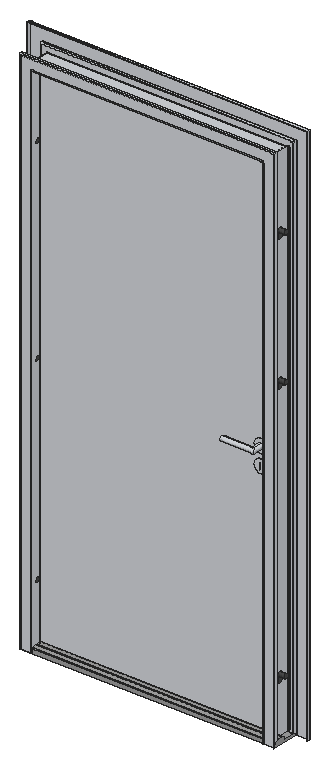
Revit family "Daloc S33 snabbsortiment", category Doors, host Wall, Revit 2017
Family settings
  Host = Wall
  OmniClass Number = 23.30.10.00
  OmniClass Title = Doors
  Always vertical = Yes
  Cut with Voids When Loaded = No
  Shared = No
  Room Calculation Point = No
Parameters (values of type "10x20,8")
  Övre gångjärn start [instance] = Dörrblad ÖK - 310 mm  # 1743 mm
  Övre gångjärn end [instance] = Dörrblad ÖK - 190 mm  # 1863 mm
  Vänsterhängd [instance] = no
  Visa kollisionskontroll [instance] = no
  Tröskeltyp G Stål [instance] = no
  Tröskeltyp G Hårdträ [instance] = yes
  Modulhöjd = 20.8
  Modulbredd = 10
  Kulör dörrblad [instance] = none
  Kollisionskontroll vänster [instance] = and(Visa kollisionskontroll, Vänsterhängd)  # no
  Kollisionskontroll höger [instance] = and(Visa kollisionskontroll, Högerhängd)  # no
  KDH [instance] = Height - 75 mm  # 2005 mm
  Infästning Vänsterhängd [instance] = and(Vänsterhängd, or(Dörrkarm K41, Dörrkarm K42))  # no
  Infästning Högerhängd [instance] = and(Högerhängd, or(Dörrkarm K41, Dörrkarm K42))  # yes
  Höjd dörrblad [instance] = (Modulhöjd * 100 mm) - 40 mm  # 2040 mm
  Högerhängd [instance] = yes
  Function = Interior
  Frame Projection Ext. = 25 mm
  Frame Projection Int. = 25 mm
  Frame Width = 75 mm
  Height = Modulhöjd * 100 mm  # 2080 mm
  Wall Closure = By host
  Width = Modulbredd * 100 mm  # 1000 mm
  Fp lås Ö [instance] = KDH - 233 mm  # 1772 mm
  Fp Ggj Ö övre hålet [instance] = Fp Ggj Ö + 18 mm  # 1772.5 mm
  Fp Ggj Ö undre hålet [instance] = Fp Ggj Ö - 18 mm  # 1736.5 mm
  Fp Ggj Ö [instance] = KDH - 250.5 mm  # 1754.5 mm
  Dörrstängare Vänster G [instance] = and(Vänsterhängd, Dörrstängare G sida)  # no
  Dörrstängare Vänster A [instance] = and(Vänsterhängd, Dörrstängare A sida)  # no
  Dörrstängare Höger G [instance] = and(Högerhängd, Dörrstängare G sida)  # no
  Dörrstängare Höger A [instance] = and(Högerhängd, Dörrstängare A sida)  # no
  Dörrstängare G sida [instance] = no
  Dörrstängare A sida [instance] = no
  Dörrkarm K42 [instance] = no
  Dörrkarm K41 [instance] = yes
  Dörrblad ÖK [instance] = Höjd dörrblad + Dörrblad UK  # 2053 mm
  Dörrblad UK [instance] = 13 mm
  Datablad [instance] = "http://www.dorrkatalogen.daloc.se/staldorrar/S33/"
  DST offset G-sida [instance] = Dörrblad ÖK - 75 mm  # 1978 mm
  DST offset A-sida [instance] = Dörrblad ÖK - 110 mm  # 1943 mm
  Bredd med överfals [instance] = Bredd dörrblad + 26.2 mm  # 950.2 mm
  Bredd dörrblad [instance] = (Modulbredd * 100 mm) - 76 mm  # 924 mm
Types (5, lengths in mm): name | Övre gångjärn start | Övre gångjärn end | Modulhöjd | Modulbredd | KDH | Höjd dörrblad | Height | Width | Fp lås Ö | Fp Ggj Ö övre hålet | Fp Ggj Ö undre hålet | Fp Ggj Ö | Dörrblad ÖK | DST offset G-sida | DST offset A-sida | Bredd med överfals | Bredd dörrblad
  (no name) | 1743 | 1863 | 20.8 | 10 | 2005 | 2040 | 2080 | 1000 | 1772 | 1772.5 | 1736.5 | 1754.5 | 2053 | 1978 | 1943 | 950.2 | 924
  9x21 | 1763 | 1883 | 21 | 9 | 2025 | 2060 | 2100 | 900 | 1792 | 1792.5 | 1756.5 | 1774.5 | 2073 | 1998 | 1963 | 850.2 | 824
  10x21 | 1763 | 1883 | 21 | 10 | 2025 | 2060 | 2100 | 1000 | 1792 | 1792.5 | 1756.5 | 1774.5 | 2073 | 1998 | 1963 | 950.2 | 924
  9x20,8 | 1743 | 1863 | 20.8 | 9 | 2005 | 2040 | 2080 | 900 | 1772 | 1772.5 | 1736.5 | 1754.5 | 2053 | 1978 | 1943 | 850.2 | 824
  10x20,8 | 1743 | 1863 | 20.8 | 10 | 2005 | 2040 | 2080 | 1000 | 1772 | 1772.5 | 1736.5 | 1754.5 | 2053 | 1978 | 1943 | 950.2 | 924
Reference planes
  plane 1: y = 0
  plane 2 "Center (Left/Right)": x = 0
  plane 3 "Left": x = -500
  plane 4 "Right": x = 500
  plane 5: z = 2080
  plane 6 "Exterior": y = 75
  plane 7 "Interior": y = -75
  plane 8 "Drevmån h": x = -495
  plane 9 "Drevmån v": x = 495
  plane 10 "Drevmån övre": z = 2073
Forms (mm)
  Sweep 1, solid, visible <- "Dörrkarm K41"
    path origin (0, 75, 0) x (1, 0, 0) y (0, 0, 1)
      loop
        line (495, 0) -> (495, 2073) -> (-495, 2073) -> (-495, 0)
    profile "Karm_K41 : Karm_K41" origin (495, 75, 1036.5) x (-1, 0, 0) y (0, -1, 0)
      loop
        line (0, 85) -> (1.5, 85) -> (1.5, 95)
        arc (1.5, 95) -> (1.939, 96.061) -> (3, 96.5) r 1.5
        line (3, 96.5) -> (42, 96.5)
        arc (42, 96.5) -> (43.061, 96.061) -> (43.5, 95) r 1.5
        line (43.5, 95) -> (43.5, 55)
        arc (43.5, 55) -> (43.061, 53.939) -> (42, 53.5) r 1.5
        line (42, 53.5) -> (28.5, 53.5) -> (28.5, 3)
        arc (28.5, 3) -> (28.061, 1.939) -> (27, 1.5) r 1.5
        line (27, 1.5) -> (6.5, 1.5)
        arc (6.5, 1.5) -> (4.379, 0.621) -> (3.5, -1.5) r 3
        line (3.5, -1.5) -> (3.5, -10)
        arc (3.5, -10) -> (3.061, -11.061) -> (2, -11.5) r 1.5
        line (2, -11.5) -> (-47, -11.5)
        arc (-47, -11.5) -> (-48.061, -11.061) -> (-48.5, -10) r 1.5
        line (-48.5, -10) -> (-48.5, 0) -> (-50, 0) -> (-50, -10)
        arc (-50, -10) -> (-49.121, -12.121) -> (-47, -13) r 3
        line (-47, -13) -> (2, -13)
        arc (2, -13) -> (4.121, -12.121) -> (5, -10) r 3
        line (5, -10) -> (5, -1.5)
        arc (5, -1.5) -> (5.439, -0.439) -> (6.5, 0) r 1.5
        line (6.5, 0) -> (27, 0)
        arc (27, 0) -> (29.121, 0.879) -> (30, 3) r 3
        line (30, 3) -> (30, 52) -> (42, 52)
        arc (42, 52) -> (44.121, 52.879) -> (45, 55) r 3
        line (45, 55) -> (45, 95)
        arc (45, 95) -> (44.121, 97.121) -> (42, 98) r 3
        line (42, 98) -> (3, 98)
        arc (3, 98) -> (0.879, 97.121) -> (0, 95) r 3
        line (0, 95) -> (0, 85)
  Sweep 2, solid, visible <- "Dörrkarm K42"
    path origin (0, 75, 0) x (1, 0, 0) y (0, 0, 1)
      loop
        line (495, 0) -> (495, 2073) -> (-495, 2073) -> (-495, 0)
    profile "Karm_K42 : Karm_K42" origin (495, 75, 1036.5) x (-1, 0, 0) y (0, -1, 0)
      loop
        line (0, 85) -> (1.5, 85) -> (1.5, 95)
        arc (1.5, 95) -> (1.939, 96.061) -> (3, 96.5) r 1.5
        line (3, 96.5) -> (42, 96.5)
        arc (42, 96.5) -> (43.061, 96.061) -> (43.5, 95) r 1.5
        line (43.5, 95) -> (43.5, 55)
        arc (43.5, 55) -> (43.061, 53.939) -> (42, 53.5) r 1.5
        line (42, 53.5) -> (28.5, 53.5) -> (28.5, 3)
        arc (28.5, 3) -> (28.061, 1.939) -> (27, 1.5) r 1.5
        line (27, 1.5) -> (3, 1.5)
        arc (3, 1.5) -> (1.939, 1.939) -> (1.5, 3) r 1.5
        line (1.5, 3) -> (1.5, 13) -> (0, 13) -> (0, 3)
        arc (0, 3) -> (0.879, 0.879) -> (3, 0) r 3
        line (3, 0) -> (27, 0)
        arc (27, 0) -> (29.121, 0.879) -> (30, 3) r 3
        line (30, 3) -> (30, 52) -> (42, 52)
        arc (42, 52) -> (44.121, 52.879) -> (45, 55) r 3
        line (45, 55) -> (45, 95)
        arc (45, 95) -> (44.121, 97.121) -> (42, 98) r 3
        line (42, 98) -> (3, 98)
        arc (3, 98) -> (0.879, 97.121) -> (0, 95) r 3
        line (0, 95) -> (0, 85)
  Extrusion 3, solid, material "Daloc tröskel EK", visible <- "Tröskeltyp G Hårdträ"
    sketch origin (0, 579.415, -570.578) x (0, 1, 0) y (0, 0, 1)
      loop
        line (-507.415, 580.578) -> (-555.423, 580.578) -> (-555.423, 590.078)
        arc (-555.423, 590.078) -> (-556.448, 592.553) -> (-558.923, 593.578) r 3.5
        line (-558.923, 593.578) -> (-580.423, 593.578)
        arc (-580.423, 593.578) -> (-580.99, 593.524) -> (-581.537, 593.364) r 3
        line (-581.537, 593.364) -> (-598.537, 588.364)
        arc (-598.537, 588.364) -> (-599.907, 587.26) -> (-600.423, 585.578) r 3
        line (-600.423, 585.578) -> (-600.423, 570.578) -> (-504.415, 570.578) -> (-504.415, 577.578)
        arc (-504.415, 577.578) -> (-505.294, 579.699) -> (-507.415, 580.578) r 3
    from -495 to 495
  Extrusion 4, solid, material "Daloc ståltröskel", visible <- "Tröskeltyp G Stål"
    sketch origin (0, -111.86, -57.161) x (0, 1, 0) y (0, 0, 1)
      loop
        line (176.776, 57.161) -> (182.855, 57.161)
        arc (182.855, 57.161) -> (186.86, 61.165) -> (182.855, 65.17) r 4.004
        line (182.855, 65.17) -> (136.355, 65.17)
        arc (136.355, 65.17) -> (135.295, 65.609) -> (134.855, 66.67) r 1.5
        line (134.855, 66.67) -> (134.855, 77.17)
        arc (134.855, 77.17) -> (133.977, 79.291) -> (131.855, 80.17) r 3
        line (131.855, 80.17) -> (102.102, 80.17)
        arc (102.102, 80.17) -> (100.954, 79.941) -> (99.98, 79.291) r 3
        line (99.98, 79.291) -> (93.734, 73.045)
        arc (93.734, 73.045) -> (93.084, 72.072) -> (92.855, 70.924) r 3
        line (92.855, 70.924) -> (92.855, 60.161)
        arc (92.855, 60.161) -> (93.734, 58.04) -> (95.855, 57.161) r 3
        line (95.855, 57.161) -> (102.855, 57.161) -> (102.855, 58.67) -> (95.855, 58.67)
        arc (95.855, 58.67) -> (94.795, 59.109) -> (94.355, 60.17) r 1.5
        line (94.355, 60.17) -> (94.355, 70.924)
        arc (94.355, 70.924) -> (94.469, 71.498) -> (94.795, 71.984) r 1.5
        line (94.795, 71.984) -> (101.041, 78.231)
        arc (101.041, 78.231) -> (101.528, 78.556) -> (102.102, 78.67) r 1.5
        line (102.102, 78.67) -> (131.855, 78.67)
        arc (131.855, 78.67) -> (132.916, 78.231) -> (133.355, 77.17) r 1.5
        line (133.355, 77.17) -> (133.355, 66.67)
        arc (133.355, 66.67) -> (134.234, 64.549) -> (136.355, 63.67) r 3
        line (136.355, 63.67) -> (182.855, 63.67)
        arc (182.855, 63.67) -> (185.355, 61.17) -> (182.855, 58.67) r 2.5
        line (182.855, 58.67) -> (176.776, 58.67) -> (176.776, 57.161)
    from -495 to 495
  Extrusion 5, solid, material "Stainless Steel", visible <- "Högerhängd"
    sketch origin (0, 0, 0) x (1, 0, 0) y (0, 1, 0)
      loop
        circle (-469.581, 92.224) r 8.5
    from 190 to 310
  Extrusion 6, solid, material "Stainless Steel", visible <- "Högerhängd"
    sketch origin (0, 0, 0) x (1, 0, 0) y (0, 1, 0)
      loop
        circle (-469.581, 92.224) r 8.5
    from 1743 <- "Övre gångjärn start" to 1863 <- "Övre gångjärn end"
  Extrusion 7, solid, material "Stainless Steel", visible <- "Vänsterhängd"
    sketch origin (0, 0, 0) x (1, 0, 0) y (0, 1, 0)
      loop
        circle (470.581, 92.224) r 8.5
    from 190 to 310
  Extrusion 8, solid, material "Stainless Steel", visible <- "Vänsterhängd"
    sketch origin (0, 0, 0) x (1, 0, 0) y (0, 1, 0)
      loop
        circle (470.581, 92.224) r 8.5
    from 1743 <- "Övre gångjärn start" to 1863 <- "Övre gångjärn end"
  Extrusion 9, solid, material "Frigång", visible <- "Kollisionskontroll höger"
    sketch origin (0, 0, 0) x (1, 0, 0) y (0, 1, 0)
      loop
        line (-475.081, 83.724) -> (475.119, 83.724)
        arc (475.119, 83.724) -> (-351.055, 1025.795) -> (-1392.904, 329.654) r 950.2
        line (-1392.904, 329.654) -> (-475.081, 83.724)
    from 13 <- "Dörrblad UK" to 2053 <- "Dörrblad ÖK"
  Extrusion 10, solid, material "Frigång", visible <- "Kollisionskontroll vänster"
    sketch origin (0, 0, 0) x (1, 0, 0) y (0, 1, 0)
      loop
        line (475.119, 83.724) -> (1392.941, 329.654)
        arc (1392.941, 329.654) -> (351.093, 1025.795) -> (-475.081, 83.724) r 950.2
        line (-475.081, 83.724) -> (475.119, 83.724)
    from 13 <- "Dörrblad UK" to 2053 <- "Dörrblad ÖK"
  Extrusion 11, solid, material "Hål", visible <- "Infästning Högerhängd"
    sketch origin (495, 0, 0) x (0, 0, 1) y (0, -1, 0)
      loop
        circle (226.5, -35) r 8
    from 0 to -30.1
  Extrusion 12, solid, material "Hål", visible <- "Infästning Högerhängd"
    sketch origin (495, 0, 0) x (0, 0, 1) y (0, -1, 0)
      loop
        circle (226.5, -5) r 8
    from 0 to -45.2
  Extrusion 13, solid, material "Hål", visible <- "Infästning Högerhängd"
    sketch origin (495, 0, 0) x (0, 0, 1) y (0, -1, 0)
      loop
        circle (1250, -35) r 8
    from 0 to -30.1
  Extrusion 14, solid, material "Hål", visible <- "Infästning Högerhängd"
    sketch origin (495, 0, 0) x (0, 0, 1) y (0, -1, 0)
      loop
        circle (1250, -5) r 8
    from 0 to -45.2
  Extrusion 15, solid, material "Hål", visible <- "Infästning Högerhängd"
    sketch origin (495, 0, 0) x (0, 0, 1) y (0, -1, 0)
      loop
        circle (1772, -35) r 8
    from 0 to -30.1
  Extrusion 16, solid, material "Hål", visible <- "Infästning Högerhängd"
    sketch origin (495, 0, 0) x (0, 0, 1) y (0, -1, 0)
      loop
        circle (1772, -5) r 8
    from 0 to -45.2
  Extrusion 17, solid, material "Hål", visible <- "Infästning Vänsterhängd"
    sketch origin (-495, 0, 0) x (0, 0, 1) y (0, -1, 0)
      loop
        circle (226.5, -35) r 8
    from 0 to 30.1
  Extrusion 18, solid, material "Hål", visible <- "Infästning Vänsterhängd"
    sketch origin (-495, 0, 0) x (0, 0, 1) y (0, -1, 0)
      loop
        circle (226.5, -5) r 8
    from 0 to 45.2
  Extrusion 19, solid, material "Hål", visible <- "Infästning Vänsterhängd"
    sketch origin (-495, 0, 0) x (0, 0, 1) y (0, -1, 0)
      loop
        circle (1250, -35) r 8
    from 0 to 30.1
  Extrusion 20, solid, material "Hål", visible <- "Infästning Vänsterhängd"
    sketch origin (-495, 0, 0) x (0, 0, 1) y (0, -1, 0)
      loop
        circle (1250, -5) r 8
    from 0 to 45.2
  Extrusion 21, solid, material "Hål", visible <- "Infästning Vänsterhängd"
    sketch origin (-495, 0, 0) x (0, 0, 1) y (0, -1, 0)
      loop
        circle (1772, -35) r 8
    from 0 to 30.1
  Extrusion 22, solid, material "Hål", visible <- "Infästning Vänsterhängd"
    sketch origin (-495, 0, 0) x (0, 0, 1) y (0, -1, 0)
      loop
        circle (1772, -5) r 8
    from 0 to 45.2
  Extrusion 23, solid, material "Hål", visible <- "Infästning Högerhängd"
    sketch origin (-495, 0, 0) x (0, 0, 1) y (0, -1, 0)
      loop
        circle (1015, -35) r 8
    from 0 to 30.1
  Extrusion 24, solid, material "Hål", visible <- "Infästning Högerhängd"
    sketch origin (-495, 0, 0) x (0, 0, 1) y (0, -1, 0)
      loop
        circle (1015, -5) r 8
    from 0 to 45.2
  Extrusion 25, solid, material "Hål", visible <- "Infästning Högerhängd"
    sketch origin (-495, 0, 0) x (0, 0, 1) y (0, -1, 0)
      loop
        circle (244.5, -5) r 8
    from 0 to 45.2
  Extrusion 26, solid, material "Hål", visible <- "Infästning Högerhängd"
    sketch origin (-495, 0, 0) x (0, 0, 1) y (0, -1, 0)
      loop
        circle (226.5, -36) r 8
    from 0 to 30.1
  Extrusion 27, solid, material "Hål", visible <- "Infästning Vänsterhängd"
    sketch origin (495, 0, 0) x (0, 0, 1) y (0, -1, 0)
      loop
        circle (226.5, -36) r 8
    from 0 to -30.1
  Extrusion 28, solid, material "Hål", visible <- "Infästning Vänsterhängd"
    sketch origin (495, 0, 0) x (0, 0, 1) y (0, -1, 0)
      loop
        circle (208.5, -5) r 8
    from 0 to -45.2
  Extrusion 29, solid, material "Hål", visible <- "Infästning Vänsterhängd"
    sketch origin (495, 0, 0) x (0, 0, 1) y (0, -1, 0)
      loop
        circle (1015, -35) r 8
    from 0 to -30.1
  Extrusion 30, solid, material "Hål", visible <- "Infästning Vänsterhängd"
    sketch origin (495, 0, 0) x (0, 0, 1) y (0, -1, 0)
      loop
        circle (1015, -5) r 8
    from 0 to -45.2
  Extrusion 31, solid, material "Hål", visible <- "Infästning Vänsterhängd"
    sketch origin (495, 0, 0) x (0, 0, 1) y (0, -1, 0)
      loop
        circle (1754.5, -35) r 8
    from 0 to -30.1
  Extrusion 32, solid, material "Hål", visible <- "Infästning Vänsterhängd"
    sketch origin (495, 0, 0) x (0, 0, 1) y (0, -1, 0)
      loop
        circle (1736.5, -5) r 8
    from 0 to -45.2
  Extrusion 33, solid, material "Hål", visible <- "Infästning Högerhängd"
    sketch origin (-495, 0, 0) x (0, 0, 1) y (0, -1, 0)
      loop
        circle (1754.5, -35) r 8
    from 0 to 30.1
  Extrusion 34, solid, material "Hål", visible <- "Infästning Högerhängd"
    sketch origin (-495, 0, 0) x (0, 0, 1) y (0, -1, 0)
      loop
        circle (1772.5, -5) r 8
    from 0 to 45.2
Lines and regions (mm)
  Opening 1
    outline origin (-3050, -75, 0) x (1, 0, 0) y (0, 0, 1)
      loop
        line (2550, 0) -> (3550, 0) -> (3550, 2080) -> (2550, 2080) -> (2550, 0)
  symbolic lines, style "Elevation Swing"
    curve 1: line (500, -75, 1040) -> (-500, -75, 2080)
    curve 2: line (500, -75, 1040) -> (-500, -75, 0)
  symbolic lines, visible <- "Högerhängd"
    curve 3: circle (-469.581, 92.224, 0) r 8.5 normal (0, 0, 1)
    curve 5: line (-475.081, 83.724, 0) -> (-1392.904, 329.654, 0)
    curve 6: arc (-1392.904, 329.654, 0) -> (-351.055, 1025.795, 0) -> (475.119, 83.724, 0) r 950.2
  symbolic lines, visible <- "Vänsterhängd"
    curve 4: circle (470.581, 92.224, 0) r 8.5 normal (0, 0, 1)
    curve 7: line (475.119, 83.724, 0) -> (1392.941, 329.654, 0)
    curve 8: arc (1392.941, 329.654, 0) -> (351.093, 1025.795, 0) -> (-475.081, 83.724, 0) r 950.2
Text (mm)
  text "Exterior" at (-2295.016, 1099.543, 0), in view "Ref. Level"
  text "Exterior" at (0, 1615.38, 3698.081), in view "Left"
  text "Exterior" at (0, 1036.032, 3874.932), in view "Right"
Dimensions and locks
  equal spacing: plane 3 "Left", plane 2 "Center (Left/Right)", plane 4 "Right"
  "Width": plane 3 "Left" to plane 4 "Right"
  "Height": plane 5 to host wall
  equal spacing: host wall, curve 2, plane 5
  host wall to plane 5 = 2080 mm
  locked: plane 6 "Exterior" to host wall at 0
  locked: plane 7 "Interior" to host wall
  locked: plane 5 to plane 10 "Drevmån övre" at 7
  locked: plane 3 "Left" to plane 8 "Drevmån h" at 5
  locked: plane 9 "Drevmån v" to plane 4 "Right" at 5
  locked: plane 6 "Exterior" to Extrusion 4 at 52.004
  locked: plane 6 "Exterior" to Extrusion 3 at 51.008
  curve 3 to nested 1 = 8.5 mm
  locked: curve 4 to nested 1 at 8.5
  locked: plane 3 "Left" to nested 6 at 130
  locked: plane 3 "Left" to nested 7 at 130
  locked: nested 8 to plane 4 "Right" at 129.9
  "Bredd med överfals": curve 5 to curve 5
  locked: plane 8 "Drevmån h" to curve 5 at 19.919
  "Bredd med överfals": curve 7 to curve 7
  locked: curve 5 to nested 1 at 0
  locked: Extrusion 11 sketch curve to level at 226.5
  locked: Extrusion 11 sketch curve to plane 6 "Exterior" at 40
  locked: Extrusion 12 sketch curve to level at 226.5
  locked: Extrusion 12 sketch curve to plane 6 "Exterior" at 70
  locked: Extrusion 13 sketch curve to plane 6 "Exterior" at 40
  locked: Extrusion 13 sketch curve to level at 1250
  Extrusion 14 sketch curve to level = 1250 mm
  Extrusion 14 sketch curve to plane 6 "Exterior" = 70 mm
  locked: Extrusion 15 sketch curve to plane 6 "Exterior" at 40
  "Fp lås Ö": Extrusion 15 sketch curve to level
  "Fp lås Ö": Extrusion 16 sketch curve to level
  locked: Extrusion 16 sketch curve to plane 6 "Exterior" at 70
  locked: plane 6 "Exterior" to Extrusion 17 sketch curve at 40
  locked: Extrusion 17 sketch curve to level at 226.5
  Extrusion 18 sketch curve to level = 226.5 mm
  plane 6 "Exterior" to Extrusion 18 sketch curve = 70 mm
  locked: Extrusion 19 sketch curve to level at 1250
  locked: plane 6 "Exterior" to Extrusion 19 sketch curve at 40
  Extrusion 20 sketch curve to level = 1250 mm
  plane 6 "Exterior" to Extrusion 20 sketch curve = 70 mm
  "Fp lås Ö": Extrusion 21 sketch curve to level
  locked: plane 6 "Exterior" to Extrusion 21 sketch curve at 40
  "Fp lås Ö": Extrusion 22 sketch curve to level
  locked: plane 6 "Exterior" to Extrusion 22 sketch curve at 70
  locked: Extrusion 23 sketch curve to level at 1015
  locked: plane 6 "Exterior" to Extrusion 23 sketch curve at 40
  locked: Extrusion 24 sketch curve to level at 1015
  locked: plane 6 "Exterior" to Extrusion 24 sketch curve at 70
  locked: Extrusion 25 sketch curve to level at 244.5
  locked: plane 6 "Exterior" to Extrusion 25 sketch curve at 70
  locked: Extrusion 26 sketch curve to level at 226.5
  locked: plane 6 "Exterior" to Extrusion 26 sketch curve at 39
  locked: Extrusion 27 sketch curve to level at 226.5
  locked: Extrusion 27 sketch curve to plane 6 "Exterior" at 39
  locked: Extrusion 28 sketch curve to level at 208.5
  locked: Extrusion 28 sketch curve to plane 6 "Exterior" at 70
  locked: Extrusion 29 sketch curve to level at 1015
  locked: Extrusion 29 sketch curve to plane 6 "Exterior" at 40
  locked: Extrusion 30 sketch curve to level at 1015
  locked: Extrusion 30 sketch curve to plane 6 "Exterior" at 70
  "Fp Ggj Ö": Extrusion 31 sketch curve to level
  locked: Extrusion 31 sketch curve to plane 6 "Exterior" at 40
  "Fp Ggj Ö undre hålet": Extrusion 32 sketch curve to level
  locked: Extrusion 32 sketch curve to plane 6 "Exterior" at 70
  "Fp Ggj Ö": Extrusion 33 sketch curve to level
  locked: plane 6 "Exterior" to Extrusion 33 sketch curve at 40
  "Fp Ggj Ö övre hålet": Extrusion 34 sketch curve to level
  locked: plane 6 "Exterior" to Extrusion 34 sketch curve at 70
  locked: plane 6 "Exterior" to nested 6 at 8.7
  locked: nested 9 to plane 4 "Right" at 130
  locked: plane 6 "Exterior" to nested 9 at 8.7
  locked: plane 6 "Exterior" to nested 1 at 0  (x2)
  locked: nested 1 to nested 2 at 0
  locked: nested 1 to nested 5 at 0
  locked: nested 1 to nested 4 at 0
  locked: nested 1 to nested 3 at 0
  locked: nested 1 to nested 2 at 51.081
  locked: nested 3 to nested 1 at 51.081
  locked: nested 4 to nested 1 at 51.081
  locked: nested 1 to nested 5 at 51.081
  locked: nested 1 to curve 5 (angle 165.00°)
  locked: curve 7 to nested 1 (angle 165.00°)
  aligned and locked: plane 3 "Left" to Opening 1 sketch curve
  aligned and locked: plane 5 to Opening 1 sketch curve  (x2)
  aligned and locked: Opening 1 sketch curve to plane 4 "Right"
  aligned and locked: Opening 1 sketch curve to level
  aligned and locked: plane 5 to curve 1
  aligned and locked: plane 3 "Left" to curve 2
  aligned and locked: plane 1 to host wall
  aligned and locked: plane 3 "Left" to curve 1
  aligned and locked: plane 9 "Drevmån v" to Sweep 1 sketch curve
  aligned and locked: plane 10 "Drevmån övre" to Sweep 1 sketch curve
  aligned and locked: Sweep 1 sketch curve to plane 8 "Drevmån h"
  aligned and locked: nested 1 to plane 2 "Center (Left/Right)"
  aligned and locked: Sweep 2 sketch curve to Sweep 1
  aligned and locked: plane 10 "Drevmån övre" to Sweep 2 sketch curve
  aligned and locked: Sweep 2 sketch curve to plane 8 "Drevmån h"
  aligned and locked: Extrusion 4 to level  (x3)
  aligned and locked: plane 9 "Drevmån v" to Extrusion 3
  aligned and locked: Extrusion 3 to plane 8 "Drevmån h"
  aligned and locked: plane 9 "Drevmån v" to Extrusion 4
  aligned and locked: Extrusion 4 to plane 8 "Drevmån h"
  aligned and locked: nested 2 to nested 1
  aligned and locked: Extrusion 5 sketch curve to curve 3
  aligned and locked: Extrusion 6 sketch curve to curve 3
  aligned and locked: Extrusion 7 sketch curve to curve 4
  aligned and locked: Extrusion 8 sketch curve to curve 4
  aligned and locked: nested 7 to nested 1
  aligned and locked: nested 8 to nested 1
  aligned and locked: Extrusion 9 sketch curve to curve 5
  aligned and locked: Extrusion 9 sketch curve to curve 6
  aligned and locked: Extrusion 9 sketch curve to nested 1
  aligned and locked: Extrusion 10 sketch curve to curve 7
  aligned and locked: Extrusion 10 sketch curve to curve 8
  aligned and locked: Extrusion 10 sketch curve to nested 1
Automatic sketch dimensions
  curve 2 to level = 0 mm
  plane 4 "Right" to curve 2 = 0 mm
  Sweep 1 sketch curve to level = 0 mm  (x2)
  Sweep 2 sketch curve to level = 0 mm  (x2)
  Extrusion 3 sketch curve to host wall = 147 mm
  level to Extrusion 3 sketch curve = 7 mm
  Extrusion 3 sketch curve to Extrusion 3 sketch curve = 3 mm  (x2)
  Extrusion 3 sketch curve to Extrusion 3 sketch curve = 48.008 mm
  Extrusion 3 sketch curve to Extrusion 3 sketch curve = 9.5 mm
  Extrusion 3 sketch curve to Extrusion 3 sketch curve = 3.5 mm
  Extrusion 3 sketch curve to Extrusion 3 sketch curve = 21.5 mm
  Extrusion 3 sketch curve to Extrusion 3 sketch curve = 1.114 mm  (x2)
  Extrusion 3 sketch curve to Extrusion 3 sketch curve = 17 mm
  Extrusion 3 sketch curve to Extrusion 3 sketch curve = 5 mm
  Extrusion 3 sketch curve to Extrusion 3 sketch curve = 2.785 mm
  Extrusion 3 sketch curve to Extrusion 3 sketch curve = 15 mm
  Extrusion 4 sketch curve to host wall = 4.004 mm
  level to Extrusion 4 sketch curve = 0 mm
  Extrusion 4 sketch curve to Extrusion 4 sketch curve = 4.004 mm
  Extrusion 4 sketch curve to Extrusion 4 sketch curve = 6.079 mm
  Extrusion 4 sketch curve to Extrusion 4 sketch curve = 40.421 mm
  Extrusion 4 sketch curve to Extrusion 4 sketch curve = 1.5 mm
  Extrusion 4 sketch curve to Extrusion 4 sketch curve = 10.5 mm
  Extrusion 4 sketch curve to Extrusion 4 sketch curve = 3 mm  (x3)
  Extrusion 4 sketch curve to host wall = 84.758 mm
  Extrusion 4 sketch curve to Extrusion 4 sketch curve = 2.121 mm  (x3)
  Extrusion 4 sketch curve to Extrusion 4 sketch curve = 6.246 mm  (x2)
  Extrusion 4 sketch curve to Extrusion 4 sketch curve = 10.763 mm
  Extrusion 4 sketch curve to Extrusion 4 sketch curve = 7 mm
  Extrusion 4 sketch curve to Extrusion 4 sketch curve = 1.509 mm
  Extrusion 4 sketch curve to Extrusion 4 sketch curve = 0 mm  (x10)
  Extrusion 4 sketch curve to Extrusion 4 sketch curve = 0.009 mm
  Extrusion 4 sketch curve to Extrusion 4 sketch curve = 0.439 mm
  Extrusion 4 sketch curve to Extrusion 4 sketch curve = 1.061 mm  (x2)
  Extrusion 4 sketch curve to Extrusion 4 sketch curve = 0.004 mm
  curve 6 to curve 5 = 0 mm
  curve 8 to curve 7 = 0 mm
  curve 8 to curve 3 = 5.5 mm
  curve 4 to curve 8 = 4.537 mm
  radius of curve 3 = 8.5 mm
  radius of curve 4 = 8.5 mm
  radius of Extrusion 11 sketch curve = 8 mm
  radius of Extrusion 12 sketch curve = 8 mm
  radius of Extrusion 13 sketch curve = 8 mm
  radius of Extrusion 14 sketch curve = 8 mm
  radius of Extrusion 15 sketch curve = 8 mm
  radius of Extrusion 16 sketch curve = 8 mm
  radius of Extrusion 17 sketch curve = 8 mm
  radius of Extrusion 18 sketch curve = 8 mm
  radius of Extrusion 19 sketch curve = 8 mm
  radius of Extrusion 20 sketch curve = 8 mm
  radius of Extrusion 21 sketch curve = 8 mm
  radius of Extrusion 22 sketch curve = 8 mm
  radius of Extrusion 23 sketch curve = 8 mm
  radius of Extrusion 24 sketch curve = 8 mm
  radius of Extrusion 25 sketch curve = 8 mm
  radius of Extrusion 26 sketch curve = 8 mm
  radius of Extrusion 27 sketch curve = 8 mm
  radius of Extrusion 28 sketch curve = 8 mm
  radius of Extrusion 29 sketch curve = 8 mm
  radius of Extrusion 30 sketch curve = 8 mm
  radius of Extrusion 31 sketch curve = 8 mm
  radius of Extrusion 32 sketch curve = 8 mm
  radius of Extrusion 33 sketch curve = 8 mm
  radius of Extrusion 34 sketch curve = 8 mm
Nested families
  nested 1: "Dörrblad_S33" at (0, 83.724, 13) x (-1, 0, 0) z (0, 0, 1), Bredd dörrblad <- "Bredd dörrblad", Höjd dörrblad <- "Höjd dörrblad", built-in parameter 1001364 <- "Dörrblad UK", Kulör dörrblad <- "Kulör dörrblad", type "Dörrblad_S33"
    with Kulör dörrblad none, Höjd dörrblad 2040 mm, Bredd dörrblad 924 mm
  nested 2: "Handtag_J" at (-407, 83.724, 1022) x (-1, 0, 0) z (0, 1, 0), visible <- "Vänsterhängd", type "Handtag_J"
    with Handtag Ytterdörr none
  nested 3: "Handtag_J" at (407, 83.724, 1022) x (1, 0, 0) z (0, 1, 0), visible <- "Högerhängd", type "Handtag_J"
    with Handtag Ytterdörr none
  nested 4: "Handtag_J" at (407, 25.724, 1004) x (1, 0, 0) z (0, -1, 0), visible <- "Högerhängd", type "Handtag_J"
    with Handtag Ytterdörr none
  nested 5: "Handtag_J" at (-407, 25.724, 1004) x (-1, 0, 0) z (0, -1, 0), visible <- "Vänsterhängd", type "Handtag_J"
    with Handtag Ytterdörr none
  nested 6: "Dörrstängare" at (-125, 129.7, 1978) x (-1, 0, 0) z (0, 0, 1), built-in parameter 1001364 <- "DST offset G-sida", visible <- "Dörrstängare Höger G", type "Dörrstängare"
  nested 7: "Dörrstängare" at (-370, -20.276, 1943), built-in parameter 1001364 <- "DST offset A-sida", visible <- "Dörrstängare Höger A", type "Dörrstängare"
  nested 8: "Dörrstängare" at (125.1, -20.276, 1943), built-in parameter 1001364 <- "DST offset A-sida", visible <- "Dörrstängare Vänster A", type "Dörrstängare"
  nested 9: "Dörrstängare" at (370, 129.7, 1978) x (-1, 0, 0) z (0, 0, 1), built-in parameter 1001364 <- "DST offset G-sida", visible <- "Dörrstängare Vänster G", type "Dörrstängare"
Definition of nested family "Dörrblad_S33"
  Parameters (values of type "Dörrblad_S33")
    Kulör dörrblad [instance] = none
    Höjd dörrblad [instance] = 2040 mm
    Bredd dörrblad [instance] = 924 mm
  Reference planes
    plane 1 "Center (Front/Back)": y = 0
    plane 2: z = 0
    plane 3 "Center (Left/Right)": x = 0
  Forms (mm)
    Extrusion 1, solid, material <- "Kulör dörrblad"
      sketch origin (0, 0, 0) x (1, 0, 0) y (0, 1, 0)
        loop
          line (-462, 46.424) -> (-461.375, 44.899)
          arc (-461.375, 44.899) -> (-460.77, 44.546) -> (-460.081, 44.424) r 2
          line (-460.081, 44.424) -> (-459.081, 44.424)
          arc (-459.081, 44.424) -> (-458.374, 44.131) -> (-458.081, 43.424) r 1
          line (-458.081, 43.424) -> (-458.081, 23.291)
          arc (-458.081, 23.291) -> (-458.379, 22.572) -> (-459.099, 22.274) r 1.017
          line (-459.099, 22.274) -> (-461.585, 21.586)
          arc (-461.585, 21.586) -> (-462.643, 21.147) -> (-463.081, 20.089) r 1.497
          line (-463.081, 20.089) -> (-463.081, 9.724)
          arc (-463.081, 9.724) -> (-463.374, 9.017) -> (-464.081, 8.724) r 1
          line (-464.081, 8.724) -> (-473.081, 8.724)
          arc (-473.081, 8.724) -> (-474.496, 8.138) -> (-475.081, 6.724) r 2
          arc (-475.081, 6.724) -> (-474.929, 5.959) -> (-474.496, 5.31) r 2
          line (-474.496, 5.31) -> (-469.772, 0.586)
          arc (-469.772, 0.586) -> (-469.123, 0.152) -> (-468.357, 0) r 2
          line (-468.357, 0) -> (468.357, 0)
          arc (468.357, 0) -> (469.123, 0.152) -> (469.772, 0.586) r 2
          line (469.772, 0.586) -> (471.41, 2.224) -> (474.496, 5.31)
          arc (474.496, 5.31) -> (474.929, 5.959) -> (475.081, 6.724) r 2
          arc (475.081, 6.724) -> (474.496, 8.138) -> (473.081, 8.724) r 2
          line (473.081, 8.724) -> (459.081, 8.724)
          arc (459.081, 8.724) -> (458.374, 9.017) -> (458.081, 9.724) r 1
          line (458.081, 9.724) -> (458.081, 43.456)
          arc (458.081, 43.456) -> (458.365, 44.141) -> (459.049, 44.424) r 0.968
          line (459.049, 44.424) -> (460.081, 44.424)
          arc (460.081, 44.424) -> (460.77, 44.546) -> (461.375, 44.899) r 2
          line (461.375, 44.899) -> (462, 46.424) -> (462, 56.122)
          arc (462, 56.122) -> (461.45, 57.45) -> (460.122, 58) r 1.878
          line (460.122, 58) -> (-460.122, 58)
          arc (-460.122, 58) -> (-461.45, 57.45) -> (-462, 56.122) r 1.878
          line (-462, 56.122) -> (-462, 46.424)
      from 0 to 2040 <- "Höjd dörrblad"
    Extrusion 2, void
      sketch origin (0, 0, 0) x (0, 1, 0) y (0, 0, 1)
        loop
          line (8.48, 2027.858) -> (60, 2027.858) -> (60, 2042) -> (8.48, 2042) -> (8.48, 2027.858)
      from -987.898 to 993.611
    Extrusion 3, void
      sketch origin (0, 0, 0) x (0, 1, 0) y (0, 0, 1)
        loop
          line (1.983, 2040) -> (1.983, 2041.005) -> (-0.957, 2041.005) -> (-0.957, 2038.017) -> (0, 2038.017)
          arc (0, 2038.017) -> (0.581, 2039.419) -> (1.983, 2040) r 1.983
      from -854.484 to 993.611
  Cuts and joins
    Extrusion 2, Extrusion 3 cuts Extrusion 1
  Lines and regions (mm)
    model lines
      curve 1: arc (-460.122, 58, 0) -> (-461.45, 57.45, 0) -> (-462, 56.122, 0) r 1.878
      curve 2: arc (462, 56.122, 0) -> (461.45, 57.45, 0) -> (460.122, 58, 0) r 1.878
      curve 3: arc (458.081, 9.724, 0) -> (458.374, 9.017, 0) -> (459.081, 8.724, 0) r 1
      curve 4: arc (-464.081, 8.724, 0) -> (-463.374, 9.017, 0) -> (-463.081, 9.724, 0) r 1
      curve 5: arc (475.081, 6.724, 0) -> (474.496, 8.138, 0) -> (473.081, 8.724, 0) r 2
      curve 6: arc (-473.081, 8.724, 0) -> (-474.496, 8.138, 0) -> (-475.081, 6.724, 0) r 2
      curve 7: arc (-469.772, 0.586, 0) -> (-469.123, 0.152, 0) -> (-468.357, 0, 0) r 2
      curve 8: arc (468.357, 0, 0) -> (469.123, 0.152, 0) -> (469.772, 0.586, 0) r 2
      curve 9: line (-461.375, 44.899, 0) -> (-462, 46.424, 0)
      curve 10: line (462, 46.424, 0) -> (461.375, 44.899, 0)
      curve 11: arc (-461.375, 44.899, 0) -> (-460.77, 44.546, 0) -> (-460.081, 44.424, 0) r 2
      curve 12: arc (460.081, 44.424, 0) -> (460.77, 44.546, 0) -> (461.375, 44.899, 0) r 2
      curve 13: arc (474.496, 5.31, 0) -> (474.929, 5.959, 0) -> (475.081, 6.724, 0) r 2
      curve 14: arc (-475.081, 6.724, 0) -> (-474.929, 5.959, 0) -> (-474.496, 5.31, 0) r 2
      curve 15: line (460.122, 58, 0) -> (-460.122, 58, 0)
      curve 16: line (469.772, 0.586, 0) -> (471.41, 2.224, 0)
      curve 17: line (471.41, 2.224, 0) -> (474.496, 5.31, 0)
      curve 18: line (468.357, 0, 0) -> (-468.357, 0, 0)
      curve 19: line (-462, 46.424, 0) -> (-462, 46.831, 0)
      curve 20: line (-462, 46.831, 0) -> (-462, 56.122, 0)
      curve 21: line (462, 56.122, 0) -> (462, 46.831, 0)
      curve 22: line (462, 46.831, 0) -> (462, 46.424, 0)
      curve 23: line (-459.081, 44.424, 0) -> (-460.081, 44.424, 0)
      curve 24: line (460.081, 44.424, 0) -> (459.049, 44.424, 0)
      curve 25: line (459.081, 8.724, 0) -> (473.081, 8.724, 0)
      curve 26: line (-473.081, 8.724, 0) -> (-464.081, 8.724, 0)
      curve 27: arc (0, 17.914, 0) -> (0, 19.131, 0.413) -> (0, 19.845, 1.482) r 2
      curve 28: arc (0, 56, 0) -> (0, 57.414, 0.586) -> (0, 58, 2) r 2
      curve 29: arc (0, 0.586, 0.586) -> (0, 1.235, 0.152) -> (0, 2, 0) r 2
      curve 30: arc (0, 0, 2) -> (0, 0.152, 1.235) -> (0, 0.586, 0.586) r 2
      curve 31: arc (0, 21.249, 3.858) -> (0, 20.641, 3.652) -> (0, 20.283, 3.117) r 1
      curve 32: line (0, 43.32, 3.858) -> (0, 44.199, 3.184)
      curve 33: arc (0, 46.095, 0.067) -> (0, 46.348, 0.017) -> (0, 46.606, 0) r 2
      curve 34: line (0, 44.675, 1.408) -> (0, 46.095, 0.067)
      curve 35: line (0, 19.845, 1.482) -> (0, 20.283, 3.117)
      curve 36: line (0, 21.249, 3.858) -> (0, 43.32, 3.858)
      curve 37: line (0, 44.675, 1.408) -> (0, 44.199, 3.184)
      curve 38: line (0, 56, 0) -> (0, 46.606, 0)
      curve 39: line (0, 17.914, 0) -> (0, 9.5, 0)
      curve 40: line (0, 9.5, 0) -> (0, 8.5, 0)
      curve 41: line (0, 8.5, 0) -> (0, 5.086, 0)
      curve 42: line (0, 5.086, 0) -> (0, 2, 0)
      curve 43: arc (0, 17.914, 0) -> (0, 19.142, 0.408) -> (0, 19.863, 1.482) r 2
      curve 44: arc (0, 21.249, 3.858) -> (0, 20.651, 3.646) -> (0, 20.301, 3.117) r 1
      curve 45: line (0, 43.233, 3.858) -> (0, 44.199, 3.117)
      curve 46: arc (0, 45.992, 0.097) -> (0, 46.295, 0.024) -> (0, 46.606, 0) r 2
      curve 47: line (0, 44.675, 1.341) -> (0, 45.992, 0.097)
      curve 48: line (0, 19.863, 1.482) -> (0, 20.301, 3.117)
      curve 49: line (0, 21.249, 3.858) -> (0, 43.233, 3.858)
      curve 50: line (0, 44.675, 1.341) -> (0, 44.199, 3.117)
      curve 51: line (0, 56, 0) -> (0, 46.606, 0)
      curve 52: line (0, 17.914, 0) -> (0, 9.5, 0)
      curve 53: line (0, 9.5, 0) -> (0, 8.5, 0)
      curve 54: line (0, 8.5, 0) -> (0, 5.086, 0)
      curve 55: line (0, 5.086, 0) -> (0, 2, 0)
    symbolic lines
      curve 56: arc (0, 0, 2) -> (0, 0.152, 1.235) -> (0, 0.586, 0.586) r 2
      curve 57: arc (0, 0.586, 0.586) -> (0, 1.235, 0.152) -> (0, 2, 0) r 2
      curve 58: line (0, 2.224, 0) -> (0, 0.586, 0)
      curve 59: line (0, 5.31, 0) -> (0, 2.224, 0)
      curve 60: arc (0, 56, 0) -> (0, 57.414, 0.586) -> (0, 58, 2) r 2
      curve 61: line (-458.081, 43.424, 0) -> (-458.081, 23.291, 0)
      curve 62: line (-473.081, 8.724, 0) -> (-464.081, 8.724, 0)
      curve 63: arc (-464.081, 8.724, 0) -> (-463.374, 9.017, 0) -> (-463.081, 9.724, 0) r 1
      curve 64: line (458.081, 43.456, 0) -> (458.081, 9.724, 0)
      curve 65: line (-474.496, 5.31, 0) -> (-469.772, 0.586, 0)
      curve 66: line (-463.081, 9.724, 0) -> (-463.081, 20.089, 0)
      curve 67: arc (-458.081, 23.291, 0) -> (-458.379, 22.572, 0) -> (-459.099, 22.274, 0) r 1.017
      curve 68: line (-459.099, 22.274, 0) -> (-461.585, 21.586, 0)
      curve 69: arc (-463.081, 20.089, 0) -> (-462.643, 21.147, 0) -> (-461.585, 21.586, 0) r 1.497
      curve 70: arc (-459.081, 44.424, 0) -> (-458.374, 44.131, 0) -> (-458.081, 43.424, 0) r 1
      curve 71: arc (458.081, 43.456, 0) -> (458.365, 44.141, 0) -> (459.049, 44.424, 0) r 0.968
  Dimensions and locks
    "Bredd dörrblad": curve 20 to curve 21
    locked: curve 15 to curve 18 at 58
    equal spacing: curve 20, plane 3 "Center (Left/Right)", curve 21
    locked: cut or joined group of Extrusion 1, Extrusion 2, Extrusion 3 to Extrusion 3 sketch curve
    locked: plane 1 "Center (Front/Back)" to Extrusion 3 sketch curve at 0
    locked: Extrusion 2 sketch curve to cut or joined group of Extrusion 1, Extrusion 2, Extrusion 3 at 2
    aligned and locked: level to plane 2
    aligned and locked: curve 18 to plane 1 "Center (Front/Back)"
    aligned and locked: level to curve 42
    aligned and locked: level to curve 38
    aligned and locked: Extrusion 1 sketch curve to curve 20
    aligned and locked: Extrusion 1 sketch curve to curve 1
    aligned and locked: Extrusion 1 sketch curve to curve 2
    aligned and locked: Extrusion 1 sketch curve to curve 10
    aligned and locked: Extrusion 1 sketch curve to curve 12
    aligned and locked: Extrusion 1 sketch curve to curve 71
    aligned and locked: Extrusion 1 sketch curve to curve 3
    aligned and locked: Extrusion 1 sketch curve to curve 5
    aligned and locked: Extrusion 1 sketch curve to curve 13
    aligned and locked: Extrusion 1 sketch curve to curve 17
    aligned and locked: Extrusion 1 sketch curve to curve 8
    aligned and locked: Extrusion 1 sketch curve to curve 7
    aligned and locked: Extrusion 1 sketch curve to curve 14
    aligned and locked: Extrusion 1 sketch curve to curve 6
    aligned and locked: Extrusion 1 sketch curve to curve 63
    aligned and locked: Extrusion 1 sketch curve to curve 69
    aligned and locked: Extrusion 1 sketch curve to curve 68
    aligned and locked: Extrusion 1 sketch curve to curve 67
    aligned and locked: Extrusion 1 sketch curve to curve 70
    aligned and locked: Extrusion 1 sketch curve to curve 11
    aligned and locked: Extrusion 1 sketch curve to curve 9
  Automatic sketch dimensions
    curve 30 to curve 29 = 0 mm
    curve 57 to curve 56 = 0 mm
    curve 56 to plane 1 "Center (Front/Back)" = 0 mm
    curve 30 to curve 29 = 2 mm
    curve 29 to curve 41 = 3.086 mm
    curve 41 to curve 40 = 3.414 mm
    curve 53 to curve 53 = 1 mm
    level to curve 43 = 2 mm
    curve 39 to curve 43 = 8.431 mm
    level to curve 48 = 1.482 mm
    level to curve 35 = 1.482 mm
    curve 35 to curve 43 = 0.018 mm
    level to curve 48 = 3.117 mm
    curve 27 to curve 48 = 0.456 mm
    level to curve 35 = 3.117 mm
    curve 35 to curve 44 = 0.018 mm
    curve 35 to curve 49 = 0.966 mm
    level to curve 49 = 3.858 mm
    curve 49 to curve 60 = 14.767 mm
    curve 45 to curve 36 = 0.087 mm
    level to curve 32 = 3.184 mm
    curve 45 to curve 32 = 0.966 mm
    level to curve 45 = 3.117 mm
    curve 45 to curve 32 = 0 mm
    level to curve 47 = 1.341 mm
    curve 45 to curve 47 = 0.476 mm
    level to curve 37 = 1.408 mm
    curve 37 to curve 47 = 0 mm
    level to curve 34 = 0.067 mm
    curve 47 to curve 34 = 1.42 mm
    level to curve 47 = 0.097 mm
    curve 47 to curve 33 = 0.103 mm
    level to curve 33 = 2 mm
    curve 51 to curve 33 = 0 mm
    curve 28 to curve 60 = 2 mm
    curve 31 to curve 44 = 0 mm
    level to curve 57 = 0.586 mm
    curve 52 to curve 43 = 0.018 mm
    curve 58 to level = 0 mm
    curve 58 to plane 1 "Center (Front/Back)" = 0.586 mm
    curve 29 to curve 58 = 0.224 mm
    curve 41 to curve 59 = 0.224 mm
    Extrusion 1 sketch curve to plane 1 "Center (Front/Back)" = 5.31 mm  (x2)
    Extrusion 1 sketch curve to plane 1 "Center (Front/Back)" = 0.586 mm  (x2)
    Extrusion 1 sketch curve to plane 1 "Center (Front/Back)" = 2.224 mm
    Extrusion 2 sketch curve to Extrusion 2 sketch curve = 14.142 mm
    Extrusion 2 sketch curve to plane 1 "Center (Front/Back)" = 8.48 mm
    plane 1 "Center (Front/Back)" to Extrusion 3 sketch curve = 0.957 mm
    Extrusion 3 sketch curve to plane 1 "Center (Front/Back)" = 1.983 mm
    Extrusion 3 sketch curve to Extrusion 3 sketch curve = 1.005 mm
    curve 31 to curve 49 = 21.983 mm
    Extrusion 2 sketch curve to Extrusion 2 sketch curve = 51.52 mm
    curve 4 to curve 63 = 0 mm  (x2)
    curve 5 to curve 13 = 0 mm  (x2)
    curve 6 to curve 14 = 0 mm  (x2)
    curve 66 to curve 9 = 1.081 mm
    curve 62 to curve 4 = 1 mm
    curve 7 to plane 1 "Center (Front/Back)" = 2 mm
    curve 7 to curve 26 = 4.276 mm
    curve 65 to plane 1 "Center (Front/Back)" = 0.586 mm
    curve 26 to curve 7 = 4.724 mm
    curve 65 to plane 1 "Center (Front/Back)" = 5.31 mm
    curve 68 to plane 1 "Center (Front/Back)" = 21.586 mm
    curve 69 to curve 68 = 1.497 mm
    curve 9 to plane 1 "Center (Front/Back)" = 44.899 mm
    curve 9 to curve 9 = 0.625 mm
    curve 1 to curve 1 = 1.878 mm
    curve 9 to curve 11 = 1.919 mm
    curve 69 to curve 67 = 2.486 mm
    curve 11 to curve 23 = 1 mm
    curve 67 to curve 61 = 1.017 mm
    curve 64 to curve 10 = 3.919 mm
    curve 64 to curve 71 = 0.968 mm
    curve 3 to curve 25 = 1 mm
    curve 24 to curve 24 = 1.032 mm
    curve 2 to curve 2 = 1.878 mm
    curve 10 to plane 1 "Center (Front/Back)" = 44.899 mm
    curve 12 to curve 10 = 1.294 mm
    curve 3 to curve 18 = 9.276 mm
    curve 16 to plane 1 "Center (Front/Back)" = 0.586 mm
    curve 8 to curve 16 = 1.414 mm
    curve 17 to plane 1 "Center (Front/Back)" = 2.224 mm
    curve 16 to curve 17 = 1.638 mm
    curve 16 to curve 5 = 1.672 mm
    curve 17 to plane 1 "Center (Front/Back)" = 5.31 mm
    curve 13 to curve 17 = 1.414 mm
    curve 13 to curve 5 = 1.414 mm
    curve 69 to curve 68 = 0.689 mm
    curve 61 to curve 9 = 1.475 mm
    curve 71 to curve 10 = 1.442 mm
    curve 9 to curve 9 = 1.525 mm
    curve 12 to curve 22 = 1.525 mm
    curve 10 to curve 21 = 0.406 mm
    curve 9 to curve 19 = 0.406 mm
Definition of nested family "Handtag_J"
  Parameters (values of type "Handtag_J")
    Handtag Ytterdörr [instance] = none
    Default Elevation = 1219.2 mm
  Reference planes
    plane 1 "Center (Front/Back)": y = 0
    plane 2: z = 0
    plane 3 "Center (Left/Right)": x = 0
  Forms (mm)
    Extrusion 1, solid
      sketch origin (0, 0, 0) x (1, 0, 0) y (0, 1, 0)
        loop
          line (-1219.2, 1219.2) -> (-1219.2, -1219.2) -> (1219.2, -1219.2) -> (1219.2, 1219.2) -> (-1219.2, 1219.2)
      from 0 to -304.8
    Extrusion 2, solid, material <- "Handtag Ytterdörr"
      sketch origin (0, 35.531, 0) x (-1, 0, 0) y (0, -1, 0)
        loop
          circle (0, 107.075) r 25
        loop
          line (-1.871, 118.619) -> (-1.871, 95.531) -> (1.871, 95.531) -> (1.871, 118.619) -> (-1.871, 118.619)
      from 0 to 5
    Extrusion 3, solid, material <- "Handtag Ytterdörr"
      sketch origin (0, 110, 0) x (-1, 0, 0) y (0, -1, 0)
        loop
          circle (0, 110) r 25
      from 0 to 5
    Sweep 4, solid, material <- "Handtag Ytterdörr"
      path origin (0, 0, 0) x (-1, 0, 0) y (0, 0, -1)
        loop
          line (0, -5) -> (0, -40) -> (120, -40)
      profile origin (0, 0, 22.5) x (-1, 0, 0) y (0, -1, 0)
        loop
          spline (0, 8) -> (-3.106, 7.727) -> (-6, 6.928) -> (-8.485, 5.657) -> (-10.392, 4) -> (-11.591, 2.071) -> (-12, 0) -> (-11.591, -2.071) -> (-10.392, -4) -> (-8.485, -5.657) -> (-6, -6.928) -> (-3.106, -7.727) -> (0, -8)
          spline (0, -8) -> (3.106, -7.727) -> (6, -6.928) -> (8.485, -5.657) -> (10.392, -4) -> (11.591, -2.071) -> (12, 0) -> (11.591, 2.071) -> (10.392, 4) -> (8.485, 5.657) -> (6, 6.928) -> (3.106, 7.727) -> (0, 8)
  Dimensions and locks
    Extrusion 2 sketch curve to Extrusion 2 sketch curve = 3.742 mm
    equal spacing: Extrusion 2 sketch curve, Extrusion 2 sketch curve, Extrusion 2 sketch curve
    aligned and locked: plane 2 to Extrusion 1
    aligned and locked: level to Extrusion 1
Definition of nested family "Dörrstängare"
  Reference planes
    plane 1 "Center (Front/Back)": y = 0
    plane 2: z = 0
    plane 3 "Center (Left/Right)": x = 0
  Forms (mm)
    Extrusion 1, solid
      sketch origin (0, -14, 0) x (1, 0, 0) y (0, 1, 0)
        loop
          line (0, 14) -> (245, 14) -> (245, 60) -> (0, 60) -> (0, 14)
      from 0 to 60
    Extrusion 2, solid
      sketch origin (0, 0, 0) x (1, 0, 0) y (0, 1, 0)
        loop
          circle (158, 23) r 11
      from 60 to 76
    Extrusion 3, solid
      sketch origin (0, 0, 0) x (1, 0, 0) y (0, 1, 0)
        loop
          arc (147, -266) -> (150.222, -273.778) -> (158, -277) r 11
          arc (158, -277) -> (165.778, -273.778) -> (169, -266) r 11
          line (169, -266) -> (169, 23)
          arc (169, 23) -> (158, 34) -> (147, 23) r 11
          line (147, 23) -> (147, -266)
      from 76 to 81
  Lines and regions (mm)
    symbolic lines
      curve 1: circle (158, 23, 0) r 11 normal (0, 0, 1)
      curve 2: line (147, 23, 0) -> (169, 23, 0)
      curve 3: arc (158, -277, 0) -> (150.222, -273.778, 0) -> (147, -266, 0) r 11
      curve 4: arc (158, -277, 0) -> (165.778, -273.778, 0) -> (169, -266, 0) r 11
      curve 5: line (169, -266, 0) -> (169, 23, 0)
      curve 6: line (147, -266, 0) -> (147, 23, 0)
  Dimensions and locks
    Extrusion 1 sketch curve to Extrusion 1 sketch curve = 46 mm
    Extrusion 1 sketch curve to Extrusion 1 sketch curve = 245 mm
    locked: Extrusion 1 to Extrusion 1 at 46
    locked: Extrusion 1 to Extrusion 1 at 245
    locked: curve 1 to Extrusion 1 at 87
    locked: Extrusion 1 to curve 1 at 23
    locked: Extrusion 1 to curve 2 at 23
    locked: curve 3 to curve 2 at 300
    diameter of curve 1 = 22 mm
    aligned and locked: level to plane 2
    aligned and locked: plane 1 "Center (Front/Back)" to Extrusion 1
    aligned and locked: Extrusion 2 sketch curve to curve 1
    aligned and locked: Extrusion 3 sketch curve to curve 6
  Automatic sketch dimensions
    Extrusion 1 sketch curve to plane 3 "Center (Left/Right)" = 0 mm
    plane 1 "Center (Front/Back)" to Extrusion 1 sketch curve = 0 mm
    curve 3 to curve 4 = 0 mm  (x2)
    plane 3 "Center (Left/Right)" to curve 3 = 158 mm
    curve 3 to curve 5 = 11 mm
    plane 1 "Center (Front/Back)" to Extrusion 3 sketch curve = 266 mm
    Extrusion 3 sketch curve to plane 1 "Center (Front/Back)" = 23 mm
    Extrusion 3 sketch curve to Extrusion 3 sketch curve = 11 mm
    Extrusion 3 sketch curve to Extrusion 3 sketch curve = 0 mm  (x2)
